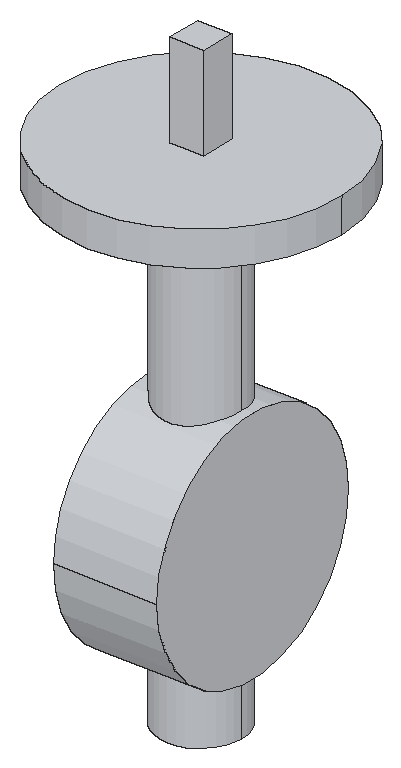
Revit family "HS497-67_disk-litina-volné vřeteno DN040-RFA_2018", category Pipe Accessories, Revit 2018
Family settings
  Round Connector Dimension = Use Diameter
  Part Type = Valve - Breaks Into
  Work Plane-Based = No
  Always vertical = Yes
  Cut with Voids When Loaded = No
  Shared = No
Parameters (values of type "HS 497-67_DN040_PN16_volné vřeteno")
  magiProductId = "35f92312390745e88df5b5c325d9ee"
  magiProductFamilyId = "53cea81e6f374d17b8841d9c72ad77"
  magiPartTypeId = 305
  isMeasuringValve [instance] = no
  ang2D [instance] = 0.00°
  X11 = 61.456 mm
  X1 = 25.456 mm
  W2D = 1000 mm
  VersionID = "2.0/2017.9.26.1/ZETKAMA_497_001"
  Use Minimum Symbol Size [instance] = yes
  URL = "http://www.hydronic.cz"
  Type Comments = "mezipřírubová; litinový disk; PN16; -10~+110°C (krátkodobě +120°C)"
  SW30 = no
  SW3 = no
  SW21 = no
  SW20 = no
  SW2 = no
  SW1 = yes
  R = 20 mm
  QmdConnectorList = "301;D;302;D"
  Productdata [instance] = ""
  NC = 50 mm
  Model = ""
  Manufacturer = "Hydronic Systems Prague s.r.o."
  MM20 = 25.456 mm
  MC Product Code = "123 040 (litinový disk, s volným vřetenem; DN40; PN16, kvs78)"
  M41 = 66 mm
  M4 = 44 mm
  LHL = 220 mm
  LHH3 = 2.45 mm
  LHH1 = 46.55 mm
  LH1 = 73.333 mm
  L4R__ve = -L4R  # -12.8 mm
  L4R = 12.8 mm
  L42__ve = -L42  # -96 mm
  L42 = 96 mm
  L41__ve = -L41  # -19.2 mm
  L41 = 19.2 mm
  L2D_Min = 3048 mm
  L2D = 216 mm
  L2 = 16.5 mm
  L1 = 26.4 mm
  L = 33 mm
  H = 30 mm
  G22 = 11.25 mm
  G2 = 22.5 mm
  G1 = 90 mm
  G = 90 mm
  F = 11 mm
  E44 = 31.25 mm
  E42 = 62.5 mm
  E4 = 125 mm
  E23 = 4.9 mm
  E22 = 19.6 mm
  E21 = 9.8 mm
  Description = "Mezipřírubová uzavírací klapka s volným vřetenem; litinový disk, DN40; PN16; kvs78"
  DR2 = 20 mm
  DR = 76 mm
  DD1 = 15.625 mm
  DD = 12.5 mm
  D = 40 mm
  CAT0 = yes
  B2__ve = -B2  # -36 mm
  B2 = 36 mm
  A2 = 11 mm
  A1 = 79 mm
Types (43, lengths in mm): name | magiProductId | X11 | X1 | Type Comments | SW30 | SW3 | SW20 | SW2 | SW1 | R | NC | MM20 | MC Product Code | M41 | M4 | LHL | LHH3 | LHH1 | LH1 | L4R__ve | L4R | L42__ve | L42 | L41__ve | L41 | L2 | L1 | L | H | G | F | E44 | E42 | E4 | E23 | E22 | E21 | Description | DR2 | DR | DD1 | DD | D | B2__ve | B2 | A2 | A1
  HS 497-67_DN100_PN16_volné vřeteno | "65d1b245f4f142c78569c0602d5754" | 61.456 | 25.456 | "mezipřírubová; litinový disk; PN16; -10~+110°C (krátkodobě +120°C)" | no | no | no | no | yes | 50 | 50 | 25.456 | "123 100 (litinový disk, s volným vřetenem; DN100; PN16, kvs512)" | 66 | 44 | 220 | 2.45 | 46.55 | 73.333 | -12.8 | 12.8 | -96 | 96 | -19.2 | 19.2 | 26 | 41.6 | 52 | 30 | 90 | 11 | 31.25 | 62.5 | 125 | 4.9 | 19.6 | 9.8 | "Mezipřírubová uzavírací klapka s volným vřetenem; litinový disk, DN100; PN16; kvs512" | 50 | 147 | 15.625 | 12.5 | 100 | -56 | 56 | 16.5 | 98.5
  HS 497-67_DN100_PN16_převodové kolo | "11e91b807e674d428c8e796fcdcfe2" | 61.456 | 25.456 | "mezipřírubová; litinový disk; PN16; -10~+110°C (krátkodobě +120°C)" | yes | yes | no | no | no | 50 | 50 | 25.456 | "125 100 (litinový disk, s převodovým kolem; DN100; PN16, kvs512)" | 65.25 | 43.5 | 220 | 2.45 | 46.55 | 73.333 | -12.8 | 12.8 | -96 | 96 | -19.2 | 19.2 | 26 | 41.6 | 52 | 30 | 90 | 11 | 31.25 | 62.5 | 125 | 4.9 | 19.6 | 9.8 | "Mezipřírubová uzavírací klapka s převodovým kolem; litinový disk, DN100; PN16; kvs512" | 50 | 147 | 15.625 | 12.5 | 100 | -56 | 56 | 16.5 | 98.5
  HS 497-67_DN100_PN16_s pákou | "28172f0b3f4b47b28323ac71cf8749" | 61.456 | 25.456 | "mezipřírubová; litinový disk; PN16; -10~+110°C (krátkodobě +120°C)" | no | no | yes | yes | no | 50 | 50 | 25.456 | "120 100 (litinový disk, s pákou; DN100; PN16, kvs512)" | 66 | 44 | 260 | 3 | 57 | 86.667 | -12.8 | 12.8 | -96 | 96 | -19.2 | 19.2 | 26 | 41.6 | 52 | 30 | 90 | 11 | 31.25 | 62.5 | 125 | 6 | 24 | 12 | "Mezipřírubová uzavírací klapka s pákou; litinový disk, DN100; PN16; kvs512" | 50 | 147 | 15.625 | 12.5 | 100 | -56 | 56 | 16.5 | 98.5
  HS 497-67_DN125_PN16_volné vřeteno | "0d813d910fc14f628bb3c2efbd185c" | 61.456 | 25.456 | "mezipřírubová; litinový disk; PN16; -10~+110°C (krátkodobě +120°C)" | no | no | no | no | yes | 62.5 | 50 | 25.456 | "123 125 (litinový disk, s volným vřetenem; DN125; PN16, kvs872)" | 66 | 44 | 220 | 2.45 | 46.55 | 73.333 | -12.8 | 12.8 | -96 | 96 | -19.2 | 19.2 | 28 | 44.8 | 56 | 33 | 90 | 14 | 31.25 | 62.5 | 125 | 4.9 | 19.6 | 9.8 | "Mezipřírubová uzavírací klapka s volným vřetenem; litinový disk, DN125; PN16; kvs872" | 62.5 | 180 | 15.625 | 12.5 | 125 | -64 | 64 | 18 | 99.5
  HS 497-67_DN125_PN16_převodové kolo | "c56b7c13f372467684996fb1e0e229" | 61.456 | 25.456 | "mezipřírubová; litinový disk; PN16; -10~+110°C (krátkodobě +120°C)" | yes | yes | no | no | no | 62.5 | 50 | 25.456 | "125 125 (litinový disk, s převodovým kolem; DN125; PN16, kvs872)" | 65.25 | 43.5 | 220 | 2.45 | 46.55 | 73.333 | -13.5 | 13.5 | -101.25 | 101.25 | -20.25 | 20.25 | 28 | 44.8 | 56 | 33 | 90 | 14 | 40 | 80 | 160 | 4.9 | 19.6 | 9.8 | "Mezipřírubová uzavírací klapka s převodovým kolem; litinový disk, DN125; PN16; kvs872" | 62.5 | 180 | 20 | 16 | 125 | -64 | 64 | 18 | 99.5
  HS 497-67_DN125_PN16_s pákou | "105993c79a91492399feef7931321a" | 61.456 | 25.456 | "mezipřírubová; litinový disk; PN16; -10~+110°C (krátkodobě +120°C)" | no | no | yes | yes | no | 62.5 | 50 | 25.456 | "120 125 (litinový disk, s pákou; DN125; PN16, kvs872)" | 66 | 44 | 315 | 3.75 | 71.25 | 105 | -12.8 | 12.8 | -96 | 96 | -19.2 | 19.2 | 28 | 44.8 | 56 | 33 | 90 | 14 | 31.25 | 62.5 | 125 | 7.5 | 30 | 15 | "Mezipřírubová uzavírací klapka s pákou; litinový disk, DN125; PN16; kvs872" | 62.5 | 180 | 15.625 | 12.5 | 125 | -64 | 64 | 18 | 99.5
  HS 497-67_DN150_PN16_volné vřeteno | "50c80cb8ab434f55ab7796e5ac1331" | 61.456 | 25.456 | "mezipřírubová; litinový disk; PN16; -10~+110°C (krátkodobě +120°C)" | no | no | no | no | yes | 75 | 50 | 25.456 | "123 150 (litinový disk, s volným vřetenem; DN150; PN16, kvs1347)" | 66 | 44 | 220 | 2.45 | 46.55 | 73.333 | -12.8 | 12.8 | -96 | 96 | -19.2 | 19.2 | 28 | 44.8 | 56 | 33 | 90 | 14 | 31.25 | 62.5 | 125 | 4.9 | 19.6 | 9.8 | "Mezipřírubová uzavírací klapka s volným vřetenem; litinový disk, DN150; PN16; kvs1347" | 75 | 206 | 15.625 | 12.5 | 150 | -58 | 58 | 19.3 | 98.7
  HS 497-67_DN150_PN16_převodové kolo | "d94a1a0cf83b476eb10011b327f709" | 61.456 | 25.456 | "mezipřírubová; litinový disk; PN16; -10~+110°C (krátkodobě +120°C)" | yes | yes | no | no | no | 75 | 50 | 25.456 | "125 150 (litinový disk, s převodovým kolem; DN150; PN16, kvs1347)" | 65.25 | 43.5 | 220 | 2.45 | 46.55 | 73.333 | -13.5 | 13.5 | -101.25 | 101.25 | -20.25 | 20.25 | 28 | 44.8 | 56 | 33 | 90 | 14 | 40 | 80 | 160 | 4.9 | 19.6 | 9.8 | "Mezipřírubová uzavírací klapka s převodovým kolem; litinový disk, DN150; PN16; kvs1347" | 75 | 206 | 20 | 16 | 150 | -58 | 58 | 19.3 | 98.7
  HS 497-67_DN150_PN16_s pákou | "4d2835523fe84828bc50ff0a5a0dfb" | 61.456 | 25.456 | "mezipřírubová; litinový disk; PN16; -10~+110°C (krátkodobě +120°C)" | no | no | yes | yes | no | 75 | 50 | 25.456 | "120 150 (litinový disk, s pákou; DN150; PN16, kvs1347)" | 66 | 44 | 315 | 3.75 | 71.25 | 105 | -12.8 | 12.8 | -96 | 96 | -19.2 | 19.2 | 28 | 44.8 | 56 | 33 | 90 | 14 | 31.25 | 62.5 | 125 | 7.5 | 30 | 15 | "Mezipřírubová uzavírací klapka s pákou; litinový disk, DN150; PN16; kvs1347" | 75 | 206 | 15.625 | 12.5 | 150 | -58 | 58 | 19.3 | 98.7
  HS 497-67_DN200_PN16_volné vřeteno | "5b29029eaeba47139ee1055a4b9201" | 61.456 | 25.456 | "mezipřírubová; litinový disk; PN16; -10~+110°C (krátkodobě +120°C)" | no | no | no | no | yes | 100 | 50 | 25.456 | "123 200 (litinový disk, s volným vřetenem; DN200; PN16, kvs2675)" | 66 | 44 | 220 | 2.45 | 46.55 | 73.333 | -12.8 | 12.8 | -96 | 96 | -19.2 | 19.2 | 30 | 48 | 60 | 33 | 90 | 17 | 31.25 | 62.5 | 125 | 4.9 | 19.6 | 9.8 | "Mezipřírubová uzavírací klapka s volným vřetenem; litinový disk, DN200; PN16; kvs2675" | 100 | 257 | 15.625 | 12.5 | 200 | -70 | 70 | 22.5 | 102.5
  HS 497-67_DN200_PN16_převodové kolo | "b2793cc1fcc44cf2a35062cd67c04f" | 61.456 | 25.456 | "mezipřírubová; litinový disk; PN16; -10~+110°C (krátkodobě +120°C)" | yes | yes | no | no | no | 100 | 57 | 25.456 | "125 200 (litinový disk, s převodovým kolem; DN200; PN16, kvs2675)" | 78.75 | 52.5 | 220 | 2.45 | 46.55 | 73.333 | -15.2 | 15.2 | -114 | 114 | -22.8 | 22.8 | 30 | 48 | 60 | 33 | 90 | 17 | 50 | 100 | 200 | 4.9 | 19.6 | 9.8 | "Mezipřírubová uzavírací klapka s převodovým kolem; litinový disk, DN200; PN16; kvs2675" | 100 | 257 | 25 | 20 | 200 | -70 | 70 | 22.5 | 102.5
  HS 497-67_DN200_PN16_s pákou | "f88d96c7af224537a51e72d7d8fffe" | 61.456 | 25.456 | "mezipřírubová; litinový disk; PN16; -10~+110°C (krátkodobě +120°C)" | no | no | yes | yes | no | 100 | 50 | 25.456 | "120 200 (litinový disk, s pákou; DN200; PN16, kvs2675)" | 66 | 44 | 315 | 3.75 | 71.25 | 105 | -12.8 | 12.8 | -96 | 96 | -19.2 | 19.2 | 30 | 48 | 60 | 33 | 90 | 17 | 31.25 | 62.5 | 125 | 7.5 | 30 | 15 | "Mezipřírubová uzavírací klapka s pákou; litinový disk, DN200; PN16; kvs2675" | 100 | 257 | 15.625 | 12.5 | 200 | -70 | 70 | 22.5 | 102.5
  HS 497-67_DN250_PN16_volné vřeteno | "b662e8305ca2402b9c510e66e6aa55" | 88.77 | 36.77 | "mezipřírubová; litinový disk; PN16; -10~+110°C (krátkodobě +120°C)" | no | no | no | no | yes | 125 | 50 | 36.77 | "123 250 (litinový disk, s volným vřetenem; DN250; PN16, kvs4555)" | 66 | 44 | 220 | 2.45 | 46.55 | 73.333 | -12.8 | 12.8 | -96 | 96 | -19.2 | 19.2 | 34 | 54.4 | 68 | 23 | 130 | 22 | 31.25 | 62.5 | 125 | 4.9 | 19.6 | 9.8 | "Mezipřírubová uzavírací klapka s volným vřetenem; litinový disk, DN250; PN16; kvs4555" | 125 | 324 | 15.625 | 12.5 | 250 | -85 | 85 | 28.25 | 129.25
  HS 497-67_DN250_PN16_převodové kolo | "5ee9016806664ddfaa2632711f295c" | 88.77 | 36.77 | "mezipřírubová; litinový disk; PN16; -10~+110°C (krátkodobě +120°C)" | yes | yes | no | no | no | 125 | 70 | 36.77 | "125 250 (litinový disk, s převodovým kolem; DN250; PN16, kvs4555)" | 91.5 | 61 | 220 | 2.45 | 46.55 | 73.333 | -22.2 | 22.2 | -166.5 | 166.5 | -33.3 | 33.3 | 34 | 54.4 | 68 | 23 | 130 | 22 | 62.5 | 125 | 250 | 4.9 | 19.6 | 9.8 | "Mezipřírubová uzavírací klapka s převodovým kolem; litinový disk, DN250; PN16; kvs4555" | 125 | 324 | 31.25 | 25 | 250 | -85 | 85 | 28.25 | 129.25
  HS 497-67_DN300_PN16_volné vřeteno | "e1886f51ff004380a649519258edf2" | 88.77 | 36.77 | "mezipřírubová; litinový disk; PN16; -10~+110°C (krátkodobě +120°C)" | no | no | no | no | yes | 150 | 50 | 36.77 | "123 300 (litinový disk, s volným vřetenem; DN300; PN16, kvs7037)" | 66 | 44 | 220 | 2.45 | 46.55 | 73.333 | -12.8 | 12.8 | -96 | 96 | -19.2 | 19.2 | 39 | 62.4 | 78 | 23 | 130 | 22 | 31.25 | 62.5 | 125 | 4.9 | 19.6 | 9.8 | "Mezipřírubová uzavírací klapka s volným vřetenem; litinový disk, DN300; PN16; kvs7037" | 150 | 376 | 15.625 | 12.5 | 300 | -90 | 90 | 30.8 | 127.2
  HS 497-67_DN300_PN16_převodové kolo | "6860f094f77d42088fbebc3c97f755" | 88.77 | 36.77 | "mezipřírubová; litinový disk; PN16; -10~+110°C (krátkodobě +120°C)" | yes | yes | no | no | no | 150 | 70 | 36.77 | "125 300 (litinový disk, s převodovým kolem; DN300; PN16, kvs7037)" | 91.5 | 61 | 220 | 2.45 | 46.55 | 73.333 | -22.2 | 22.2 | -166.5 | 166.5 | -33.3 | 33.3 | 39 | 62.4 | 78 | 23 | 130 | 22 | 62.5 | 125 | 250 | 4.9 | 19.6 | 9.8 | "Mezipřírubová uzavírací klapka s převodovým kolem; litinový disk, DN300; PN16; kvs7037" | 150 | 376 | 31.25 | 25 | 300 | -90 | 90 | 30.8 | 127.2
  HS 497-67_DN032_PN16_volné vřeteno | "8c5f65de52aa4067a77564107e31b2" | 61.456 | 25.456 | "mezipřírubová; litinový disk; PN16; -10~+110°C (krátkodobě +120°C)" | no | no | no | no | yes | 16 | 50 | 25.456 | "123 032 (litinový disk, s volným vřetenem; DN32; PN16, kvs78)" | 66 | 44 | 220 | 2.45 | 46.55 | 73.333 | -12.8 | 12.8 | -96 | 96 | -19.2 | 19.2 | 16.5 | 26.4 | 33 | 30 | 90 | 11 | 31.25 | 62.5 | 125 | 4.9 | 19.6 | 9.8 | "Mezipřírubová uzavírací klapka s volným vřetenem; litinový disk, DN32; PN16; kvs78" | 16 | 68 | 15.625 | 12.5 | 32 | -44.2 | 44.2 | 10.25 | 76.25
  HS 497-67_DN032_PN16_převodové kolo | "60aaeffa8b3a4e809ef000e4660060" | 61.456 | 25.456 | "mezipřírubová; litinový disk; PN16; -10~+110°C (krátkodobě +120°C)" | yes | yes | no | no | no | 16 | 50 | 25.456 | "125 032 (litinový disk, s převodovým kolem; DN32; PN16, kvs78)" | 65.25 | 43.5 | 220 | 2.45 | 46.55 | 73.333 | -12.8 | 12.8 | -96 | 96 | -19.2 | 19.2 | 16.5 | 26.4 | 33 | 30 | 90 | 11 | 31.25 | 62.5 | 125 | 4.9 | 19.6 | 9.8 | "Mezipřírubová uzavírací klapka s převodovým kolem; litinový disk, DN32; PN16; kvs78" | 16 | 68 | 15.625 | 12.5 | 32 | -44.2 | 44.2 | 10.25 | 76.25
  HS 497-67_DN032_PN16_s pákou | "9ad8088d610749a1b871aa2aad8007" | 61.456 | 25.456 | "mezipřírubová; litinový disk; PN16; -10~+110°C (krátkodobě +120°C)" | no | no | yes | yes | no | 16 | 50 | 25.456 | "120 032 (litinový disk, s pákou; DN32; PN16, kvs78)" | 66 | 44 | 220 | 2.45 | 46.55 | 73.333 | -12.8 | 12.8 | -96 | 96 | -19.2 | 19.2 | 16.5 | 26.4 | 33 | 30 | 90 | 11 | 31.25 | 62.5 | 125 | 4.9 | 19.6 | 9.8 | "Mezipřírubová uzavírací klapka s pákou; litinový disk, DN32; PN16; kvs78" | 16 | 68 | 15.625 | 12.5 | 32 | -44.2 | 44.2 | 10.25 | 76.25
  HS 497-67_DN350_PN10_volné vřeteno | "72a1e05f22944421b7e9596a877137" | 109.255 | 45.255 | "mezipřírubová; litinový disk; PN10; -10~+110°C (krátkodobě +120°C)" | no | no | no | no | yes | 175 | 50 | 45.255 | "123 350 (litinový disk, s volným vřetenem; DN350; PN10, kvs10165)" | 66 | 44 | 220 | 2.45 | 46.55 | 73.333 | -12.8 | 12.8 | -96 | 96 | -19.2 | 19.2 | 39 | 62.4 | 78 | 31 | 160 | 22 | 31.25 | 62.5 | 125 | 4.9 | 19.6 | 9.8 | "Mezipřírubová uzavírací klapka s volným vřetenem; litinový disk, DN350; PN10; kvs10165" | 175 | 430 | 15.625 | 12.5 | 350 | -88 | 88 | 33.85 | 129.65
  HS 497-67_DN350_PN10_převodové kolo | "a5a01426cb28494ba3afca92f1dace" | 109.255 | 45.255 | "mezipřírubová; litinový disk; PN10; -10~+110°C (krátkodobě +120°C)" | yes | yes | no | no | no | 175 | 70 | 45.255 | "125 350 (litinový disk, s převodovým kolem; DN350; PN10, kvs10165)" | 91.5 | 61 | 220 | 2.45 | 46.55 | 73.333 | -22.2 | 22.2 | -166.5 | 166.5 | -33.3 | 33.3 | 39 | 62.4 | 78 | 31 | 160 | 22 | 62.5 | 125 | 250 | 4.9 | 19.6 | 9.8 | "Mezipřírubová uzavírací klapka s převodovým kolem; litinový disk, DN350; PN10; kvs10165" | 175 | 430 | 31.25 | 25 | 350 | -88 | 88 | 33.85 | 129.65
  HS 497-67_DN400_PN10_volné vřeteno | "c70ebeb927c04ab99b176e257ad0a7" | 109.255 | 45.255 | "mezipřírubová; litinový disk; PN10; -10~+110°C (krátkodobě +120°C)" | no | no | no | no | yes | 200 | 50 | 45.255 | "123 400 (litinový disk, s volným vřetenem; DN400; PN10, kvs13799)" | 66 | 44 | 220 | 2.45 | 46.55 | 73.333 | -12.8 | 12.8 | -96 | 96 | -19.2 | 19.2 | 51 | 81.6 | 102 | 31 | 160 | 27 | 31.25 | 62.5 | 125 | 4.9 | 19.6 | 9.8 | "Mezipřírubová uzavírací klapka s volným vřetenem; litinový disk, DN400; PN10; kvs13799" | 200 | 485 | 15.625 | 12.5 | 400 | -108 | 108 | 38 | 142
  HS 497-67_DN400_PN10_převodové kolo | "cc64a4384dcb41b780d81810f4f293" | 109.255 | 45.255 | "mezipřírubová; litinový disk; PN10; -10~+110°C (krátkodobě +120°C)" | yes | yes | no | no | no | 200 | 72.5 | 45.255 | "125 400 (litinový disk, s převodovým kolem; DN400; PN10, kvs13799)" | 103.5 | 69 | 220 | 2.45 | 46.55 | 73.333 | -27.8 | 27.8 | -208.5 | 208.5 | -41.7 | 41.7 | 51 | 81.6 | 102 | 31 | 160 | 27 | 75 | 150 | 300 | 4.9 | 19.6 | 9.8 | "Mezipřírubová uzavírací klapka s převodovým kolem; litinový disk, DN400; PN10; kvs13799" | 200 | 485 | 37.5 | 30 | 400 | -108 | 108 | 38 | 142
  HS 497-67_DN040_PN16_volné vřeteno | "35f92312390745e88df5b5c325d9ee" | 61.456 | 25.456 | "mezipřírubová; litinový disk; PN16; -10~+110°C (krátkodobě +120°C)" | no | no | no | no | yes | 20 | 50 | 25.456 | "123 040 (litinový disk, s volným vřetenem; DN40; PN16, kvs78)" | 66 | 44 | 220 | 2.45 | 46.55 | 73.333 | -12.8 | 12.8 | -96 | 96 | -19.2 | 19.2 | 16.5 | 26.4 | 33 | 30 | 90 | 11 | 31.25 | 62.5 | 125 | 4.9 | 19.6 | 9.8 | "Mezipřírubová uzavírací klapka s volným vřetenem; litinový disk, DN40; PN16; kvs78" | 20 | 76 | 15.625 | 12.5 | 40 | -36 | 36 | 11 | 79
  HS 497-67_DN040_PN16_převodové kolo | "d88e968eae3445bc9b7b4e6ff35127" | 61.456 | 25.456 | "mezipřírubová; litinový disk; PN16; -10~+110°C (krátkodobě +120°C)" | yes | yes | no | no | no | 20 | 50 | 25.456 | "125 040 (litinový disk, s převodovým kolem; DN40; PN16, kvs78)" | 65.25 | 43.5 | 220 | 2.45 | 46.55 | 73.333 | -12.8 | 12.8 | -96 | 96 | -19.2 | 19.2 | 16.5 | 26.4 | 33 | 30 | 90 | 11 | 31.25 | 62.5 | 125 | 4.9 | 19.6 | 9.8 | "Mezipřírubová uzavírací klapka s převodovým kolem; litinový disk, DN40; PN16; kvs78" | 20 | 76 | 15.625 | 12.5 | 40 | -36 | 36 | 11 | 79
  HS 497-67_DN040_PN16_s pákou | "c1b522ca65b4407a98818f232eaacb" | 61.456 | 25.456 | "mezipřírubová; litinový disk; PN16; -10~+110°C (krátkodobě +120°C)" | no | no | yes | yes | no | 20 | 50 | 25.456 | "120 040 (litinový disk, s pákou; DN40; PN16, kvs78)" | 66 | 44 | 220 | 2.45 | 46.55 | 73.333 | -12.8 | 12.8 | -96 | 96 | -19.2 | 19.2 | 16.5 | 26.4 | 33 | 30 | 90 | 11 | 31.25 | 62.5 | 125 | 4.9 | 19.6 | 9.8 | "Mezipřírubová uzavírací klapka s pákou; litinový disk, DN40; PN16; kvs78" | 20 | 76 | 15.625 | 12.5 | 40 | -36 | 36 | 11 | 79
  HS 497-67_DN450_PN10_volné vřeteno | "a8358bc282f14872b3194e530e590a" | 129.74 | 53.74 | "mezipřírubová; litinový disk; PN10; -10~+110°C (krátkodobě +120°C)" | no | no | no | no | yes | 225 | 50 | 53.74 | "123 450 (litinový disk, s volným vřetenem; DN450; PN10, kvs18514)" | 66 | 44 | 220 | 2.45 | 46.55 | 73.333 | -12.8 | 12.8 | -96 | 96 | -19.2 | 19.2 | 57 | 91.2 | 114 | 38 | 190 | 36 | 31.25 | 62.5 | 125 | 4.9 | 19.6 | 9.8 | "Mezipřírubová uzavírací klapka s volným vřetenem; litinový disk, DN450; PN10; kvs18514" | 225 | 536 | 15.625 | 12.5 | 450 | -115 | 115 | 38.05 | 117.45
  HS 497-67_DN450_PN10_převodové kolo | "cdf2d80f54a9414f9cbe50647c0ebd" | 129.74 | 53.74 | "mezipřírubová; litinový disk; PN10; -10~+110°C (krátkodobě +120°C)" | yes | yes | no | no | no | 225 | 91.5 | 53.74 | "125 450 (litinový disk, s převodovým kolem; DN450; PN10, kvs18514)" | 144.75 | 96.5 | 220 | 2.45 | 46.55 | 73.333 | -32.1 | 32.1 | -240.75 | 240.75 | -48.15 | 48.15 | 57 | 91.2 | 114 | 38 | 190 | 36 | 100 | 200 | 400 | 4.9 | 19.6 | 9.8 | "Mezipřírubová uzavírací klapka s převodovým kolem; litinový disk, DN450; PN10; kvs18514" | 225 | 536 | 50 | 40 | 450 | -115 | 115 | 38.05 | 117.45
  HS 497-67_DN500_PN10_volné vřeteno | "8c396e27bb2743f98f3c762b6517cd" | 143.397 | 59.397 | "mezipřírubová; litinový disk; PN10; -10~+110°C (krátkodobě +120°C)" | no | no | no | no | yes | 250 | 50 | 59.397 | "123 500 (litinový disk, s volným vřetenem; DN500; PN10, kvs23805)" | 66 | 44 | 220 | 2.45 | 46.55 | 73.333 | -12.8 | 12.8 | -96 | 96 | -19.2 | 19.2 | 63.5 | 101.6 | 127 | 38 | 210 | 36 | 31.25 | 62.5 | 125 | 4.9 | 19.6 | 9.8 | "Mezipřírubová uzavírací klapka s volným vřetenem; litinový disk, DN500; PN10; kvs23805" | 250 | 593 | 15.625 | 12.5 | 500 | -130 | 130 | 43.25 | 139.25
  HS 497-67_DN500_PN10_převodové kolo | "7647804f32e94cef828a7034a91a46" | 143.397 | 59.397 | "mezipřírubová; litinový disk; PN10; -10~+110°C (krátkodobě +120°C)" | yes | yes | no | no | no | 250 | 91.5 | 59.397 | "125 500 (litinový disk, s převodovým kolem; DN500; PN10, kvs23805)" | 144.75 | 96.5 | 220 | 2.45 | 46.55 | 73.333 | -32.1 | 32.1 | -240.75 | 240.75 | -48.15 | 48.15 | 63.5 | 101.6 | 127 | 38 | 210 | 36 | 100 | 200 | 400 | 4.9 | 19.6 | 9.8 | "Mezipřírubová uzavírací klapka s převodovým kolem; litinový disk, DN500; PN10; kvs23805" | 250 | 593 | 50 | 40 | 500 | -130 | 130 | 43.25 | 139.25
  HS 497-67_DN050_volné vřeteno | "d71f296ecd6d4adf8f6e5d9853b4e0" | 61.456 | 25.456 | "mezipřírubová; litinový disk; PN16; -10~+110°C (krátkodobě +120°C)" | no | no | no | no | yes | 25 | 50 | 25.456 | "123 050 (litinový disk, s volným vřetenem; DN50; PN16, kvs98)" | 66 | 44 | 220 | 2.45 | 46.55 | 73.333 | -12.8 | 12.8 | -96 | 96 | -19.2 | 19.2 | 21.5 | 34.4 | 43 | 30 | 90 | 11 | 31.25 | 62.5 | 125 | 4.9 | 19.6 | 9.8 | "Mezipřírubová uzavírací klapka s volným vřetenem; litinový disk, DN50; PN16; kvs98" | 25 | 100 | 15.625 | 12.5 | 50 | -36.5 | 36.5 | 12 | 83
  HS 497-67_DN050_PN16_převodové kolo | "2fb080deeaed49c58418b94c1da5a4" | 61.456 | 25.456 | "mezipřírubová; litinový disk; PN16; -10~+110°C (krátkodobě +120°C)" | yes | yes | no | no | no | 25 | 50 | 25.456 | "125 050 (litinový disk, s převodovým kolem; DN50; PN16, kvs98)" | 65.25 | 43.5 | 220 | 2.45 | 46.55 | 73.333 | -12.8 | 12.8 | -96 | 96 | -19.2 | 19.2 | 21.5 | 34.4 | 43 | 30 | 90 | 11 | 31.25 | 62.5 | 125 | 4.9 | 19.6 | 9.8 | "Mezipřírubová uzavírací klapka s převodovým kolem; litinový disk, DN50; PN16; kvs98" | 25 | 100 | 15.625 | 12.5 | 50 | -36.5 | 36.5 | 12 | 83
  HS 497-67_DN050_PN16_s pákou | "dabc632061f94877a994b9b4e68112" | 61.456 | 25.456 | "mezipřírubová; litinový disk; PN16; -10~+110°C (krátkodobě +120°C)" | no | no | yes | yes | no | 25 | 50 | 25.456 | "120 050 (litinový disk, s pákou; DN50; PN16, kvs98)" | 66 | 44 | 220 | 2.45 | 46.55 | 73.333 | -12.8 | 12.8 | -96 | 96 | -19.2 | 19.2 | 21.5 | 34.4 | 43 | 30 | 90 | 11 | 31.25 | 62.5 | 125 | 4.9 | 19.6 | 9.8 | "Mezipřírubová uzavírací klapka s pákou; litinový disk, DN50; PN16; kvs98" | 25 | 100 | 15.625 | 12.5 | 50 | -36.5 | 36.5 | 12 | 83
  HS 497-67_DN600_PN10_volné vřeteno | "99d5892c14664fce81a7c5903f7711" | 143.397 | 59.397 | "mezipřírubová; litinový disk; PN10; -10~+110°C (krátkodobě +120°C)" | no | no | no | no | yes | 300 | 50 | 59.397 | "123 600 (litinový disk, s volným vřetenem; DN600; PN10, kvs36778)" | 66 | 44 | 220 | 2.45 | 46.55 | 73.333 | -12.8 | 12.8 | -96 | 96 | -19.2 | 19.2 | 77 | 123.2 | 154 | 80 | 210 | 60 | 31.25 | 62.5 | 125 | 4.9 | 19.6 | 9.8 | "Mezipřírubová uzavírací klapka s volným vřetenem; litinový disk, DN600; PN10; kvs36788" | 300 | 690 | 15.625 | 12.5 | 600 | -140 | 140 | 49.4 | 144.6
  HS 497-67_DN600_PN10_převodové kolo | "b1e26faab48a4c499f6bb11e7e3002" | 143.397 | 59.397 | "mezipřírubová; litinový disk; PN10; -10~+110°C (krátkodobě +120°C)" | yes | yes | no | no | no | 300 | 140 | 59.397 | "125 600 (litinový disk, s převodovým kolem; DN600; PN10, kvs36778)" | 206.25 | 137.5 | 220 | 2.45 | 46.55 | 73.333 | -40.8 | 40.8 | -306 | 306 | -61.2 | 61.2 | 77 | 123.2 | 154 | 80 | 210 | 60 | 125 | 250 | 500 | 4.9 | 19.6 | 9.8 | "Mezipřírubová uzavírací klapka s převodovým kolem; litinový disk, DN600; PN10; kvs36788" | 300 | 690 | 62.5 | 50 | 600 | -140 | 140 | 49.4 | 144.6
  HS 497-67_DN065_PN16_volné vřeteno | "5e5e208646e34ec29f889baab5d08e" | 61.456 | 25.456 | "mezipřírubová; litinový disk; PN16; -10~+110°C (krátkodobě +120°C)" | no | no | no | no | yes | 32.5 | 50 | 25.456 | "123 065 (litinový disk, s volným vřetenem; DN65; PN16, kvs167)" | 66 | 44 | 220 | 2.45 | 46.55 | 73.333 | -12.8 | 12.8 | -96 | 96 | -19.2 | 19.2 | 23 | 36.8 | 46 | 30 | 90 | 11 | 31.25 | 62.5 | 125 | 4.9 | 19.6 | 9.8 | "Mezipřírubová uzavírací klapka s volným vřetenem; litinový disk, DN65; PN16; kv167" | 32.5 | 108 | 15.625 | 12.5 | 65 | -36.5 | 36.5 | 13.5 | 89
  HS 497-67_DN065_PN16_převodové kolo | "654d74c8d15540b0bfe523d988ccb3" | 61.456 | 25.456 | "mezipřírubová; litinový disk; PN16; -10~+110°C (krátkodobě +120°C)" | yes | yes | no | no | no | 32.5 | 50 | 25.456 | "125 065 (litinový disk, s převodovým kolem; DN65; PN16, kvs167)" | 65.25 | 43.5 | 220 | 2.45 | 46.55 | 73.333 | -12.8 | 12.8 | -96 | 96 | -19.2 | 19.2 | 23 | 36.8 | 46 | 30 | 90 | 11 | 31.25 | 62.5 | 125 | 4.9 | 19.6 | 9.8 | "Mezipřírubová uzavírací klapka s převodovým kolem; litinový disk, DN65; PN16; kvs167" | 32.5 | 108 | 15.625 | 12.5 | 65 | -36.5 | 36.5 | 13.5 | 89
  HS 497-67_DN065_PN16_s pákou | "ebeb4b59db0641caaf6d6635ab37b9" | 61.456 | 25.456 | "mezipřírubová; litinový disk; PN16; -10~+110°C (krátkodobě +120°C)" | no | no | yes | yes | no | 32.5 | 50 | 25.456 | "120 065 (litinový disk, s pákou; DN65; PN16, kvs167)" | 66 | 44 | 220 | 2.45 | 46.55 | 73.333 | -12.8 | 12.8 | -96 | 96 | -19.2 | 19.2 | 23 | 36.8 | 46 | 30 | 90 | 11 | 31.25 | 62.5 | 125 | 4.9 | 19.6 | 9.8 | "Mezipřírubová uzavírací klapka s pákou; litinový disk, DN65; PN16; kvs167" | 32.5 | 108 | 15.625 | 12.5 | 65 | -36.5 | 36.5 | 13.5 | 89
  HS 497-67_DN080_PN16_volné vřeteno | "9e85c75c18654e1185a9c48ed6b00e" | 61.456 | 25.456 | "mezipřírubová; litinový disk; PN16; -10~+110°C (krátkodobě +120°C)" | no | no | no | no | yes | 40 | 50 | 25.456 | "123 080 (litinový disk, s volným vřetenem; DN80; PN16, kvs258)" | 66 | 44 | 220 | 2.45 | 46.55 | 73.333 | -12.8 | 12.8 | -96 | 96 | -19.2 | 19.2 | 23 | 36.8 | 46 | 30 | 90 | 11 | 31.25 | 62.5 | 125 | 4.9 | 19.6 | 9.8 | "Mezipřírubová uzavírací klapka s volným vřetenem; litinový disk, DN80; PN16; kvs258" | 40 | 124 | 15.625 | 12.5 | 80 | -54 | 54 | 14.1 | 86.9
  HS 497-67_DN080_PN16_převodové kolo | "5b3c8238c3d041e68c75b199e7ea46" | 61.456 | 25.456 | "mezipřírubová; litinový disk; PN16; -10~+110°C (krátkodobě +120°C)" | yes | yes | no | no | no | 40 | 50 | 25.456 | "125 080 (litinový disk, s převodovým kolem; DN80; PN16, kvs258)" | 65.25 | 43.5 | 220 | 2.45 | 46.55 | 73.333 | -12.8 | 12.8 | -96 | 96 | -19.2 | 19.2 | 23 | 36.8 | 46 | 30 | 90 | 11 | 31.25 | 62.5 | 125 | 4.9 | 19.6 | 9.8 | "Mezipřírubová uzavírací klapka s převodovým kolem; litinový disk, DN80; PN16; kvs258" | 40 | 124 | 15.625 | 12.5 | 80 | -54 | 54 | 14.1 | 86.9
  HS 497-67_DN080_PN16_s pákou | "e414795fab0f4eccb99bc3572c5477" | 61.456 | 25.456 | "mezipřírubová; litinový disk; PN16; -10~+110°C (krátkodobě +120°C)" | no | no | yes | yes | no | 40 | 50 | 25.456 | "120 080 (litinový disk, s pákou; DN80; PN16, kvs258)" | 66 | 44 | 260 | 3 | 57 | 86.667 | -12.8 | 12.8 | -96 | 96 | -19.2 | 19.2 | 23 | 36.8 | 46 | 30 | 90 | 11 | 31.25 | 62.5 | 125 | 6 | 24 | 12 | "Mezipřírubová uzavírací klapka s pákou; litinový disk, DN80; PN16; kvs258" | 40 | 124 | 15.625 | 12.5 | 80 | -54 | 54 | 14.1 | 86.9
  HS 497-67_DN250_PN16_s pákou | "" | 88.77 | 36.77 | "mezipřírubová; litinový disk; PN16; -10~+110°C (krátkodobě +120°C)" | no | no | yes | yes | no | 125 | 70 | 36.77 | "120 250 (litinový disk, s pákou; DN250; PN16, kvs4555)" | 91.5 | 61 | 220 | 2.45 | 46.55 | 73.333 | -22.2 | 22.2 | -166.5 | 166.5 | -33.3 | 33.3 | 34 | 54.4 | 68 | 23 | 130 | 22 | 62.5 | 125 | 250 | 4.9 | 19.6 | 9.8 | "Mezipřírubová uzavírací klapka s pákou; litinový disk, DN250; PN16; kvs4555" | 125 | 324 | 31.25 | 25 | 250 | -85 | 85 | 28.25 | 129.25
  HS 497-67_DN300_PN16_s pákou | "" | 88.77 | 36.77 | "mezipřírubová; litinový disk; PN16; -10~+110°C (krátkodobě +120°C)" | no | no | yes | yes | no | 150 | 70 | 36.77 | "120 300 (litinový disk, s pákou; DN300; PN16, kvs7037)" | 91.5 | 61 | 220 | 2.45 | 46.55 | 73.333 | -22.2 | 22.2 | -166.5 | 166.5 | -33.3 | 33.3 | 39 | 62.4 | 78 | 23 | 130 | 22 | 62.5 | 125 | 250 | 4.9 | 19.6 | 9.8 | "Mezipřírubová uzavírací klapka s pákou; litinový disk, DN300; PN16; kvs7037" | 150 | 376 | 31.25 | 25 | 300 | -90 | 90 | 30.8 | 127.2
Reference planes
  plane 1 "Center (Front/Back)": y = 0
  plane 2 "XYPLANE": z = 0
  plane 3 "Center (Left/Right)": x = 0
  plane 4 "473": x = -25.456
  plane 5 "472": x = -66
  plane 6 "471": y = -25.456
  plane 7 "470": y = 25.456
  plane 8 "469": x = -44
  plane 9 "468": y = -115.2
  plane 10 "467": y = -96
  plane 11 "466": z = 141.25
  plane 12 "465": z = 156.55
  plane 13 "464": y = 145.417
  plane 14 "463": z = 146.75
  plane 15 "462": z = 129.6
  plane 16 "461": z = 139.4
  plane 17 "460": y = 72.083
  plane 18 "459": x = -11.25
  plane 19 "458": x = 11.25
  plane 20 "457": y = -6.25
  plane 21 "456": x = -17.5
  plane 22 "455": x = 17.5
  plane 23 "454": z = 144.3
  plane 24 "453": y = 62.083
  plane 25 "452": y = -11.25
  plane 26 "451": x = -22.5
  plane 27 "450": x = 22.5
  plane 28 "449": z = 124.7
  plane 29 "448": z = 119.8
  plane 30 "447": z = -20
  plane 31 "446": z = 110
  plane 32 "445": z = 99
  plane 33 "444": z = 20
  plane 34 "443": x = 16.5
  plane 35 "442": x = -16.5
  plane 36 "441": z = 0
  plane 37 "440": y = 0
  plane 38 "439": x = 0
  plane 39 "438": z = 159
  plane 40 "437": z = 144.3
  plane 41 "436": x = 13.7
  plane 42 "435": x = -13.7
  plane 43 "434": y = 220
Forms (mm)
  Extrusion 1, solid, visible <- "SW3"
    sketch origin (-750, 0, 110) x (1, 0, 0) y (0, 1, 0)
      loop
        line (684, 25.456) -> (684, -25.456) -> (724.544, -25.456)
        arc (724.544, -25.456) -> (786, 0) -> (724.544, 25.456) r 36
        line (724.544, 25.456) -> (684, 25.456)
    from 0 to 62.5 <- "E42"
  Extrusion 2, solid, visible <- "SW30"
    sketch origin (0, -750, 0) x (0, 1, 0) y (0, 0, 1)
      loop
        circle (750, 141.25) r 7.813
    from 0 to 50 <- "NC"
  Extrusion 3, solid, visible <- "SW30"
    sketch origin (750, -115.2, 0) x (-1, 0, 0) y (0, 0, 1)
      loop
        circle (794, 141.25) r 62.5
    from 0 to -12.8 <- "L4R__ve"
  Extrusion 4, solid, visible <- "SW3"
    sketch origin (750, -96, 0) x (-1, 0, 0) y (0, 0, 1)
      loop
        circle (794, 141.25) r 7.813
    from 0 to -19.2 <- "L41__ve"
  Extrusion 5, solid, visible <- "SW30"
    sketch origin (750, 0, 0) x (-1, 0, 0) y (0, 0, 1)
      loop
        circle (794, 141.25) r 6.25
    from 0 to -96 <- "L42__ve"
  Blend 6, solid, visible <- "SW21"
    base sketch origin (750, 72.083, 0) x (-1, 0, 0) y (0, 0, 1)
      loop
        line (761.25, 139.4) -> (738.75, 139.4) -> (738.75, 129.6) -> (761.25, 129.6) -> (761.25, 139.4)
    top sketch origin (750, 72.083, 0) x (-1, 0, 0) y (0, 0, 1)
      loop
        line (761.25, 156.55) -> (738.75, 156.55) -> (738.75, 146.75) -> (761.25, 146.75) -> (761.25, 156.55)
    from 0 to 73.333
  Blend 7, solid, visible <- "SW21"
    base sketch origin (750, 62.083, 0) x (-1, 0, 0) y (0, 0, 1)
      loop
        line (761.25, 144.3) -> (738.75, 144.3) -> (738.75, 124.7) -> (761.25, 124.7) -> (761.25, 144.3)
    top sketch origin (750, 62.083, 0) x (-1, 0, 0) y (0, 0, 1)
      loop
        line (761.25, 139.4) -> (738.75, 139.4) -> (738.75, 129.6) -> (761.25, 129.6) -> (761.25, 139.4)
    from 0 to 10
  Blend 8, solid, visible <- "SW21"
    base sketch origin (-750, 0, 124.7) x (1, 0, 0) y (0, 1, 0)
      loop
        line (772.5, 62.083) -> (727.5, 62.083) -> (727.5, -11.25)
        arc (727.5, -11.25) -> (750, -31.25) -> (772.5, -11.25) r 22.656
        line (772.5, -11.25) -> (772.5, 62.083)
    top sketch origin (-750, 0, 124.7) x (1, 0, 0) y (0, 1, 0)
      loop
        line (767.5, 62.083) -> (732.5, 62.083) -> (732.5, -6.25)
        arc (732.5, -6.25) -> (750, -26.25) -> (767.5, -6.25) r 17.656
        line (767.5, -6.25) -> (767.5, 62.083)
    from 0 to 19.6
  Extrusion 9, solid, visible <- "SW2"
    sketch origin (-750, 0, 119.8) x (1, 0, 0) y (0, 1, 0)
      loop
        circle (750, 0) r 11.25
    from 0 to 4.9 <- "E23"
  Extrusion 10, solid, visible <- "SW2"
    sketch origin (-750, 0, 110) x (1, 0, 0) y (0, 1, 0)
      loop
        circle (750, 0) r 45
    from 0 to 9.8 <- "E21"
  Extrusion 11, solid, visible <- "CAT0"
    sketch origin (-750, 0, -20) x (1, 0, 0) y (0, 1, 0)
      loop
        circle (750, 0) r 13.2
    from 0 to -36 <- "B2__ve"
  Extrusion 12, solid, visible <- "CAT0"
    sketch origin (-750, 0, 99) x (1, 0, 0) y (0, 1, 0)
      loop
        circle (750, 0) r 45
    from 0 to 11 <- "A2"
  Extrusion 13, solid, visible <- "CAT0"
    sketch origin (-750, 0, 20) x (1, 0, 0) y (0, 1, 0)
      loop
        circle (750, 0) r 13.2
    from 0 to 79 <- "A1"
  Extrusion 14, solid, visible <- "CAT0"
    sketch origin (-16.5, -750, 0) x (0, 1, 0) y (0, 0, 1)
      loop
        circle (750, 0) r 38
    from 0 to 33 <- "L"
  Extrusion 15, solid, visible <- "SW1"
    sketch origin (-750, 0, 110) x (1, 0, 0) y (0, 1, 0)
      loop
        line (755.5, 5.5) -> (744.5, 5.5) -> (744.5, -5.5) -> (755.5, -5.5) -> (755.5, 5.5)
    from 0 to 30 <- "H"
  Blend 16, solid, visible <- "SW2"
    base sketch origin (750, 145.417, 0) x (-1, 0, 0) y (0, 0, 1)
      loop
        arc (763.7, 154) -> (762.236, 157.536) -> (758.7, 159) r 5
        line (758.7, 159) -> (741.3, 159)
        arc (741.3, 159) -> (737.764, 157.536) -> (736.3, 154) r 5
        line (736.3, 154) -> (736.3, 149.3)
        arc (736.3, 149.3) -> (737.764, 145.764) -> (741.3, 144.3) r 5
        line (741.3, 144.3) -> (758.7, 144.3)
        arc (758.7, 144.3) -> (762.236, 145.764) -> (763.7, 149.3) r 5
        line (763.7, 149.3) -> (763.7, 154)
    top sketch origin (750, 145.417, 0) x (-1, 0, 0) y (0, 0, 1)
      loop
        arc (763.7, 154) -> (762.236, 157.536) -> (758.7, 159) r 5
        line (758.7, 159) -> (741.3, 159)
        arc (741.3, 159) -> (737.764, 157.536) -> (736.3, 154) r 5
        line (736.3, 154) -> (736.3, 149.3)
        arc (736.3, 149.3) -> (737.764, 145.764) -> (741.3, 144.3) r 5
        line (741.3, 144.3) -> (758.7, 144.3)
        arc (758.7, 144.3) -> (762.236, 145.764) -> (763.7, 149.3) r 5
        line (763.7, 149.3) -> (763.7, 154)
    from 0 to 74.583
  Blend 17, solid, visible <- "SW20"
    base sketch origin (750, 145.417, 0) x (-1, 0, 0) y (0, 0, 1)
      loop
        line (763.7, 159) -> (736.3, 159) -> (736.3, 144.3) -> (763.7, 144.3) -> (763.7, 159)
    top sketch origin (750, 145.417, 0) x (-1, 0, 0) y (0, 0, 1)
      loop
        line (761.25, 144.3) -> (738.75, 144.3) -> (738.75, 124.7) -> (761.25, 124.7) -> (761.25, 144.3)
    from 0 to -83.333
  Extrusion 18, solid, visible <- "SW20"
    sketch origin (-750, 0, 124.7) x (1, 0, 0) y (0, 1, 0)
      loop
        line (772.5, 62.083) -> (727.5, 62.083) -> (727.5, -11.25)
        arc (727.5, -11.25) -> (750, -31.25) -> (772.5, -11.25) r 22.656
        line (772.5, -11.25) -> (772.5, 62.083)
    from 0 to 19.6 <- "E22"
  Extrusion 19, solid, not visible
    sketch origin (-16.5, -750, 0) x (0, 1, 0) y (0, 0, 1)
      loop
        circle (750, 0) r 10
    from 0 to 10
  Extrusion 20, solid, not visible
    sketch origin (16.5, -750, 0) x (0, 1, 0) y (0, 0, 1)
      loop
        circle (750, 0) r 10
    from 0 to -10
Lines and regions (mm)
  reference lines, not visible
    curve 1: circle (2, 2, 0) r 1 normal (0, 0, 1)
  reference lines
    curve 2: line (-25.456, -25.456, 110) -> (-25.456, 25.456, 110)
    curve 3: line (-17.5, -6.25, 124.7) -> (17.5, -6.25, 124.7)
    curve 4: line (-22.5, -11.25, 124.7) -> (22.5, -11.25, 124.7)
    curve 5: circle (0, 0, 110) r 1 normal (0, 0, 1)
    curve 6: line (-22.5, -11.25, 124.7) -> (22.5, -11.25, 124.7)
Dimensions and locks
  plane 1 "Center (Front/Back)" to curve 1 = 2 mm
  "X1": plane 3 "Center (Left/Right)" to plane 4 "473"
  "M41": plane 3 "Center (Left/Right)" to plane 5 "472"
  "MM20": plane 1 "Center (Front/Back)" to plane 6 "471"
  "MM20": plane 1 "Center (Front/Back)" to plane 7 "470"
  "M4": plane 3 "Center (Left/Right)" to plane 8 "469"
  "L41": plane 10 "467" to plane 9 "468"
  "L42": plane 1 "Center (Front/Back)" to plane 10 "467"
  "E44": plane 31 "446" to plane 11 "466"
  "LHH1": plane 31 "446" to plane 12 "465"
  "LH1": plane 17 "460" to plane 13 "464"
  "E21": plane 12 "465" to plane 14 "463"
  "E21": plane 16 "461" to plane 15 "462"
  "E23": plane 23 "454" to plane 16 "461"
  locked: plane 24 "453" to plane 17 "460" at 10
  "G22": plane 3 "Center (Left/Right)" to plane 18 "459"
  "G22": plane 3 "Center (Left/Right)" to plane 19 "458"
  locked: plane 25 "452" to plane 20 "457" at 5
  locked: plane 26 "451" to plane 21 "456" at 5
  locked: plane 27 "450" to plane 22 "455" at 5
  "E22": plane 28 "449" to plane 23 "454"
  "LH1": plane 25 "452" to plane 24 "453"
  "G22": plane 1 "Center (Front/Back)" to plane 25 "452"
  "G2": plane 3 "Center (Left/Right)" to plane 26 "451"
  "G2": plane 3 "Center (Left/Right)" to plane 27 "450"
  "E23": plane 29 "448" to plane 28 "449"
  "E21": plane 31 "446" to plane 29 "448"
  "R": plane 2 "XYPLANE" to plane 30 "447"
  "A2": plane 32 "445" to plane 31 "446"
  "A1": plane 33 "444" to plane 32 "445"
  "DR2": plane 2 "XYPLANE" to plane 33 "444"
  "L2": plane 3 "Center (Left/Right)" to plane 34 "443"
  "L2": plane 3 "Center (Left/Right)" to plane 35 "442"
  locked: plane 2 "XYPLANE" to plane 36 "441"
  locked: plane 1 "Center (Front/Back)" to plane 37 "440"
  locked: plane 3 "Center (Left/Right)" to plane 38 "439"
  "LHH3": plane 12 "465" to plane 39 "438"
  "LHH3": plane 14 "463" to plane 40 "437"
  "LHH3": plane 19 "458" to plane 41 "436"
  "LHH3": plane 18 "459" to plane 42 "435"
  "LHL": plane 1 "Center (Front/Back)" to plane 43 "434"
  "X11": curve 2 to Extrusion 1 sketch curve
  Extrusion 1 sketch curve to Extrusion 1 sketch curve = 0 mm  (x8)
  Blend 6 sketch curve to Blend 6 sketch curve = 0 mm  (x16)
  Blend 7 sketch curve to Blend 7 sketch curve = 0 mm  (x16)
  Blend 8 sketch curve to Blend 8 sketch curve = 0 mm  (x16)
  equal spacing: Extrusion 15 sketch curve, curve 5, Extrusion 15 sketch curve  (x2)
  "F": Extrusion 15 sketch curve to Extrusion 15 sketch curve  (x2)
  Blend 16 sketch curve to Blend 16 sketch curve = 0 mm  (x32)
  Blend 17 sketch curve to Blend 17 sketch curve = 0 mm  (x16)
  Extrusion 18 sketch curve to Extrusion 18 sketch curve = 0 mm  (x8)
  "DD1": diameter of Extrusion 2 sketch curve
  "E4": diameter of Extrusion 3 sketch curve
  "DD1": diameter of Extrusion 4 sketch curve
  "DD": diameter of Extrusion 5 sketch curve
  "G2": diameter of Extrusion 9 sketch curve
  "G1": diameter of Extrusion 10 sketch curve
  "L1": diameter of Extrusion 11 sketch curve
  "G": diameter of Extrusion 12 sketch curve
  "L1": diameter of Extrusion 13 sketch curve
  "DR": diameter of Extrusion 14 sketch curve
  radius of Blend 16 sketch curve = 5 mm  (x8)
  aligned and locked: level to plane 2 "XYPLANE"
  aligned and locked: Extrusion 1 sketch curve to plane 5 "472"
  aligned and locked: plane 7 "470" to Extrusion 1 sketch curve
  aligned and locked: plane 6 "471" to Extrusion 1 sketch curve
  aligned and locked: plane 5 "472" to Extrusion 1 sketch curve
  aligned and locked: plane 4 "473" to Extrusion 1 sketch curve  (x2)
  aligned and locked: plane 4 "473" to curve 2
  aligned and locked: plane 6 "471" to curve 2
  aligned and locked: plane 7 "470" to curve 2
  aligned and locked: Extrusion 1 sketch curve to plane 7 "470"
  aligned and locked: plane 11 "466" to Extrusion 2 sketch curve
  aligned and locked: plane 37 "440" to Extrusion 2 sketch curve
  aligned and locked: plane 8 "469" to Extrusion 3 sketch curve
  aligned and locked: plane 11 "466" to Extrusion 3 sketch curve
  aligned and locked: plane 8 "469" to Extrusion 4 sketch curve
  aligned and locked: plane 11 "466" to Extrusion 4 sketch curve
  aligned and locked: plane 8 "469" to Extrusion 5 sketch curve
  aligned and locked: plane 11 "466" to Extrusion 5 sketch curve
  aligned and locked: plane 12 "465" to Blend 6 sketch curve  (x2)
  aligned and locked: plane 18 "459" to Blend 6 sketch curve  (x4)
  aligned and locked: plane 19 "458" to Blend 6 sketch curve  (x4)
  aligned and locked: plane 14 "463" to Blend 6 sketch curve  (x2)
  aligned and locked: plane 16 "461" to Blend 6 sketch curve  (x2)
  aligned and locked: plane 15 "462" to Blend 6 sketch curve  (x2)
  aligned and locked: plane 13 "464" to Blend 6
  aligned and locked: plane 16 "461" to Blend 7 sketch curve  (x2)
  aligned and locked: plane 18 "459" to Blend 7 sketch curve  (x4)
  aligned and locked: plane 19 "458" to Blend 7 sketch curve  (x4)
  aligned and locked: plane 15 "462" to Blend 7 sketch curve  (x2)
  aligned and locked: plane 23 "454" to Blend 7 sketch curve  (x2)
  aligned and locked: plane 28 "449" to Blend 7 sketch curve  (x2)
  aligned and locked: plane 17 "460" to Blend 7
  aligned and locked: plane 24 "453" to Blend 8 sketch curve  (x4)
  aligned and locked: plane 22 "455" to Blend 8 sketch curve  (x2)
  aligned and locked: plane 21 "456" to Blend 8 sketch curve
  aligned and locked: plane 20 "457" to Blend 8 sketch curve  (x2)
  aligned and locked: curve 3 to plane 20 "457"
  aligned and locked: plane 21 "456" to curve 3
  aligned and locked: plane 22 "455" to curve 3
  aligned and locked: plane 27 "450" to Blend 8 sketch curve  (x2)
  aligned and locked: plane 26 "451" to Blend 8 sketch curve
  aligned and locked: plane 25 "452" to Blend 8 sketch curve  (x2)
  aligned and locked: curve 4 to plane 25 "452"
  aligned and locked: plane 26 "451" to curve 4
  aligned and locked: plane 27 "450" to curve 4
  aligned and locked: plane 23 "454" to Blend 8
  aligned and locked: plane 37 "440" to Extrusion 9 sketch curve
  aligned and locked: plane 38 "439" to Extrusion 9 sketch curve
  aligned and locked: plane 37 "440" to Extrusion 10 sketch curve
  aligned and locked: plane 38 "439" to Extrusion 10 sketch curve
  aligned and locked: plane 37 "440" to Extrusion 11 sketch curve
  aligned and locked: plane 38 "439" to Extrusion 11 sketch curve
  aligned and locked: plane 37 "440" to Extrusion 12 sketch curve
  aligned and locked: plane 38 "439" to Extrusion 12 sketch curve
  aligned and locked: plane 37 "440" to Extrusion 13 sketch curve
  aligned and locked: plane 38 "439" to Extrusion 13 sketch curve
  aligned and locked: plane 36 "441" to Extrusion 14 sketch curve
  aligned and locked: Extrusion 14 sketch curve to plane 37 "440"
  aligned and locked: plane 37 "440" to curve 5
  aligned and locked: plane 38 "439" to curve 5
  aligned and locked: plane 39 "438" to Blend 16 sketch curve  (x2)
  aligned and locked: plane 41 "436" to Blend 16 sketch curve  (x2)
  aligned and locked: Blend 16 sketch curve to plane 40 "437"  (x2)
  aligned and locked: Blend 16 sketch curve to plane 42 "435"  (x2)
  aligned and locked: plane 43 "434" to Blend 16
  aligned and locked: plane 23 "454" to Blend 17 sketch curve  (x2)
  aligned and locked: plane 18 "459" to Blend 17 sketch curve  (x2)
  aligned and locked: plane 19 "458" to Blend 17 sketch curve  (x2)
  aligned and locked: plane 28 "449" to Blend 17 sketch curve  (x2)
  aligned and locked: plane 39 "438" to Blend 17 sketch curve  (x2)
  aligned and locked: plane 42 "435" to Blend 17 sketch curve  (x2)
  aligned and locked: plane 41 "436" to Blend 17 sketch curve  (x2)
  aligned and locked: plane 40 "437" to Blend 17 sketch curve  (x2)
  aligned and locked: Blend 17 to plane 24 "453"
  aligned and locked: plane 24 "453" to Extrusion 18 sketch curve  (x2)
  aligned and locked: plane 27 "450" to Extrusion 18 sketch curve  (x2)
  aligned and locked: plane 26 "451" to Extrusion 18 sketch curve
  aligned and locked: plane 25 "452" to Extrusion 18 sketch curve  (x2)
  aligned and locked: curve 6 to plane 25 "452"
  aligned and locked: plane 26 "451" to curve 6
  aligned and locked: plane 27 "450" to curve 6
  aligned and locked: plane 36 "441" to Extrusion 19 sketch curve
  aligned and locked: Extrusion 19 sketch curve to plane 37 "440"
  aligned and locked: plane 36 "441" to Extrusion 20 sketch curve
  aligned and locked: Extrusion 20 sketch curve to plane 37 "440"
Automatic sketch dimensions
  Blend 8 sketch curve to plane 20 "457" = 2.344 mm  (x2)
  Extrusion 18 sketch curve to plane 20 "457" = 2.344 mm
  plane 25 "452" to Extrusion 19 sketch curve = 1.25 mm
  plane 25 "452" to Extrusion 20 sketch curve = 1.25 mm
  plane 3 "Center (Left/Right)" to curve 1 = 2 mm
  Extrusion 15 sketch curve to plane 3 "Center (Left/Right)" = 5.5 mm
  plane 20 "457" to Extrusion 15 sketch curve = 0.75 mm
  radius of curve 5 = 1 mm
  radius of curve 1 = 1 mm
Connectors
  piping at (-16.5, 0, 0), diameter 40, driven by "D"
    settings: on Extrusion 19, index 1, connector inside diameter 609.6 mm, connector length 0 mm, flow factor 0, pipe flow 0.0 L/s, pressure drop 0.0 Pa, fitting loss kfactor 0, connector angle 0.00°, fixture units 0, engagement length 0 mm, angle of deflection 0.00°, flow configuration 0, flow direction 0, fitting loss method 0, system type 29, joint type 0, gender type 0, connector reference index 2, connector utility 0, adjustable connector no, is connector primary yes, connector description ""
  piping at (16.5, 0, 0), diameter 40, driven by "D"
    settings: on Extrusion 20, index 2, connector inside diameter 609.6 mm, connector length 0 mm, flow factor 0, pipe flow 0.0 L/s, pressure drop 0.0 Pa, fitting loss kfactor 0, connector angle 0.00°, fixture units 0, engagement length 0 mm, angle of deflection 0.00°, flow configuration 0, flow direction 0, fitting loss method 0, system type 29, joint type 0, gender type 0, connector reference index 1, connector utility 0, adjustable connector no, is connector primary no, connector description ""
